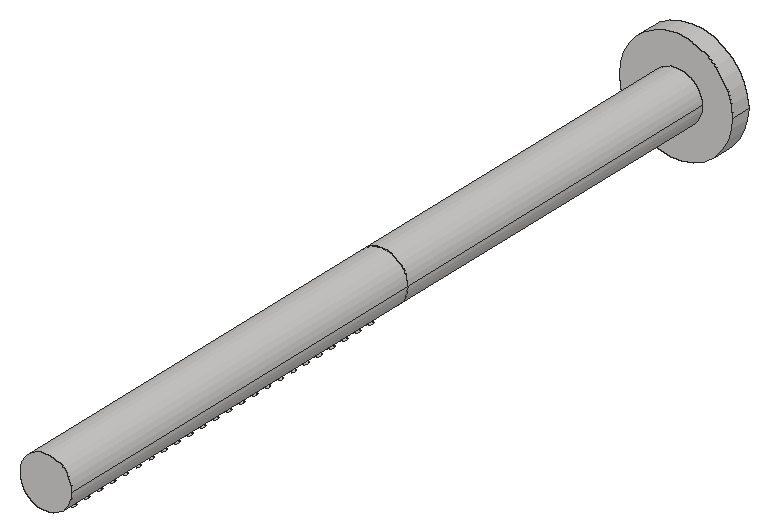
Revit family "080ST", category Generic Models, Revit 2021
Family settings
  Can host rebar = No
  Round Connector Dimension = Use Diameter
  Part Type = Normal
  Work Plane-Based = No
  Always vertical = Yes
  Cut with Voids When Loaded = No
  Shared = No
  Room Calculation Point = No
Parameters (values of type "Standard")
  e-mail = "info@vola.com"
  URL = "http://vola.com"
  Telephone = "+45 7023 5500"
  Quality management standard = "ISO 9001"
  Organisation no. / DUNS no. = "17531328"
  Occupational health and safety management standard = "ISO 18001"
  Mounting Instructions = "http://vola.com/service/producturl.ashx?name=080ST"
  Model = "080ST"
  Materials and components information = "http://vola.com/service/producturl.ashx?name=080ST"
  Manufacturer = "VOLA A/S"
  Maintenance Instructions = "http://vola.com/service/producturl.ashx?name=080ST"
  Guarantee = "2 years"
  Flow = "25,00 l/min"
  Environmental management standard = "ISO 14000"
  Default Elevation = 0.00 mm
  Connection - All relevant connections = ""
  Approvals = "http://vola.com/service/producturl.ashx?name=080ST"
Reference planes
  plane 1 "Center (Front/Back)": y = 0
  plane 2: z = 0
  plane 3 "Center (Left/Right)": x = 0
  plane 4: through (-9.509, -512.837, -14.371) normal (0.5, 0, 0.866)
  plane 5: through (-5.466, -512.837, -16.342) normal (0.2588, 0, 0.9659)
  plane 6: z = -17.2
  plane 7: through (-9.058, -512.837, -13.189) normal (0.866, 0, -0.5)
  plane 8: through (-5.336, -512.837, -15.084) normal (0.9659, 0, -0.2588)
Forms (mm)
  Extrusion 1, solid, material "Stainless Steel"
    sketch origin (0, 0, 0) x (1, 0, 0) y (0, 0, 1)
      loop
        circle (0, 0) r 35
    from 0 to 12
  Extrusion 2, solid, material "Stainless Steel"
    sketch origin (0, -12, 0) x (1, 0, 0) y (0, 0, 1)
      loop
        circle (0, 0) r 16
    from 0 to 228
  Extrusion 3, solid, material "Stainless Steel"
    sketch origin (0, -240, 0) x (1, 0, 0) y (0, 0, 1)
      loop
        circle (0, 0) r 16
    from 0 to 260
  Extrusion 4, solid, material "Stainless Steel"
    sketch origin (-9.509, -501.837, -14.371) x (-0.866025, 0, 0.5) y (0, -1, 0)
      loop
        circle (-1.05, -12.837) r 1.25
      loop
        circle (-1.05, -22.837) r 1.25
      loop
        circle (-1.05, -32.837) r 1.25
      loop
        circle (-1.05, -42.837) r 1.25
      loop
        circle (-1.05, -52.837) r 1.25
      loop
        circle (-1.05, -62.837) r 1.25
      loop
        circle (-1.05, -72.837) r 1.25
      loop
        circle (-1.05, -82.837) r 1.25
      loop
        circle (-1.05, -92.837) r 1.25
      loop
        circle (-1.05, -102.837) r 1.25
      loop
        circle (-1.05, -112.837) r 1.25
      loop
        circle (-1.05, -122.837) r 1.25
      loop
        circle (-1.05, -132.837) r 1.25
      loop
        circle (-1.05, -142.837) r 1.25
      loop
        circle (-1.05, -152.837) r 1.25
      loop
        circle (-1.05, -162.837) r 1.25
      loop
        circle (-1.05, -172.837) r 1.25
      loop
        circle (-1.05, -182.837) r 1.25
      loop
        circle (-1.05, -192.837) r 1.25
      loop
        circle (-1.05, -202.837) r 1.25
      loop
        circle (-1.05, -212.837) r 1.25
      loop
        circle (-1.05, -222.837) r 1.25
      loop
        circle (-1.05, -232.837) r 1.25
      loop
        circle (-1.05, -242.837) r 1.25
    from 0 to 2
  Extrusion 5, solid, material "Stainless Steel"
    sketch origin (-5.466, -501.837, -16.342) x (-0.965926, 0, 0.258819) y (0, -1, 0)
      loop
        circle (-1.05, -12.837) r 1.25
      loop
        circle (-1.05, -22.837) r 1.25
      loop
        circle (-1.05, -32.837) r 1.25
      loop
        circle (-1.05, -42.837) r 1.25
      loop
        circle (-1.05, -52.837) r 1.25
      loop
        circle (-1.05, -62.837) r 1.25
      loop
        circle (-1.05, -72.837) r 1.25
      loop
        circle (-1.05, -82.837) r 1.25
      loop
        circle (-1.05, -92.837) r 1.25
      loop
        circle (-1.05, -102.837) r 1.25
      loop
        circle (-1.05, -112.837) r 1.25
      loop
        circle (-1.05, -122.837) r 1.25
      loop
        circle (-1.05, -132.837) r 1.25
      loop
        circle (-1.05, -142.837) r 1.25
      loop
        circle (-1.05, -152.837) r 1.25
      loop
        circle (-1.05, -162.837) r 1.25
      loop
        circle (-1.05, -172.837) r 1.25
      loop
        circle (-1.05, -182.837) r 1.25
      loop
        circle (-1.05, -192.837) r 1.25
      loop
        circle (-1.05, -202.837) r 1.25
      loop
        circle (-1.05, -212.837) r 1.25
      loop
        circle (-1.05, -222.837) r 1.25
      loop
        circle (-1.05, -232.837) r 1.25
      loop
        circle (-1.05, -242.837) r 1.25
    from 0 to 2
  Extrusion 6, solid, material "Stainless Steel"
    sketch origin (-1.05, -501.837, -17.2) x (-1, 0, 0) y (0, -1, 0)
      loop
        circle (-1.05, -12.837) r 1.25
      loop
        circle (-1.05, -22.837) r 1.25
      loop
        circle (-1.05, -32.837) r 1.25
      loop
        circle (-1.05, -42.837) r 1.25
      loop
        circle (-1.05, -52.837) r 1.25
      loop
        circle (-1.05, -62.837) r 1.25
      loop
        circle (-1.05, -72.837) r 1.25
      loop
        circle (-1.05, -82.837) r 1.25
      loop
        circle (-1.05, -92.837) r 1.25
      loop
        circle (-1.05, -102.837) r 1.25
      loop
        circle (-1.05, -112.837) r 1.25
      loop
        circle (-1.05, -122.837) r 1.25
      loop
        circle (-1.05, -132.837) r 1.25
      loop
        circle (-1.05, -142.837) r 1.25
      loop
        circle (-1.05, -152.837) r 1.25
      loop
        circle (-1.05, -162.837) r 1.25
      loop
        circle (-1.05, -172.837) r 1.25
      loop
        circle (-1.05, -182.837) r 1.25
      loop
        circle (-1.05, -192.837) r 1.25
      loop
        circle (-1.05, -202.837) r 1.25
      loop
        circle (-1.05, -212.837) r 1.25
      loop
        circle (-1.05, -222.837) r 1.25
      loop
        circle (-1.05, -232.837) r 1.25
      loop
        circle (-1.05, -242.837) r 1.25
    from 0 to 2
  Extrusion 7, solid, material "Stainless Steel"
    sketch origin (9.509, -501.837, -14.371) x (0.866025, 0, 0.5) y (0, 1, 0)
      loop
        circle (-1.05, 12.837) r 1.25
      loop
        circle (-1.05, 22.837) r 1.25
      loop
        circle (-1.05, 32.837) r 1.25
      loop
        circle (-1.05, 42.837) r 1.25
      loop
        circle (-1.05, 52.837) r 1.25
      loop
        circle (-1.05, 62.837) r 1.25
      loop
        circle (-1.05, 72.837) r 1.25
      loop
        circle (-1.05, 82.837) r 1.25
      loop
        circle (-1.05, 92.837) r 1.25
      loop
        circle (-1.05, 102.837) r 1.25
      loop
        circle (-1.05, 112.837) r 1.25
      loop
        circle (-1.05, 122.837) r 1.25
      loop
        circle (-1.05, 132.837) r 1.25
      loop
        circle (-1.05, 142.837) r 1.25
      loop
        circle (-1.05, 152.837) r 1.25
      loop
        circle (-1.05, 162.837) r 1.25
      loop
        circle (-1.05, 172.837) r 1.25
      loop
        circle (-1.05, 182.837) r 1.25
      loop
        circle (-1.05, 192.837) r 1.25
      loop
        circle (-1.05, 202.837) r 1.25
      loop
        circle (-1.05, 212.837) r 1.25
      loop
        circle (-1.05, 222.837) r 1.25
      loop
        circle (-1.05, 232.837) r 1.25
      loop
        circle (-1.05, 242.837) r 1.25
    from 0 to 2
  Extrusion 8, solid, material "Stainless Steel"
    sketch origin (5.466, -501.837, -16.342) x (0.965926, 0, 0.258819) y (0, 1, 0)
      loop
        circle (-1.05, 12.837) r 1.25
      loop
        circle (-1.05, 22.837) r 1.25
      loop
        circle (-1.05, 32.837) r 1.25
      loop
        circle (-1.05, 42.837) r 1.25
      loop
        circle (-1.05, 52.837) r 1.25
      loop
        circle (-1.05, 62.837) r 1.25
      loop
        circle (-1.05, 72.837) r 1.25
      loop
        circle (-1.05, 82.837) r 1.25
      loop
        circle (-1.05, 92.837) r 1.25
      loop
        circle (-1.05, 102.837) r 1.25
      loop
        circle (-1.05, 112.837) r 1.25
      loop
        circle (-1.05, 122.837) r 1.25
      loop
        circle (-1.05, 132.837) r 1.25
      loop
        circle (-1.05, 142.837) r 1.25
      loop
        circle (-1.05, 152.837) r 1.25
      loop
        circle (-1.05, 162.837) r 1.25
      loop
        circle (-1.05, 172.837) r 1.25
      loop
        circle (-1.05, 182.837) r 1.25
      loop
        circle (-1.05, 192.837) r 1.25
      loop
        circle (-1.05, 202.837) r 1.25
      loop
        circle (-1.05, 212.837) r 1.25
      loop
        circle (-1.05, 222.837) r 1.25
      loop
        circle (-1.05, 232.837) r 1.25
      loop
        circle (-1.05, 242.837) r 1.25
    from 0 to 2
Cuts and joins
  joined: Extrusion 3, Extrusion 4, Extrusion 5, Extrusion 6, Extrusion 7, Extrusion 8
Dimensions and locks
  aligned and locked: plane 2 to level
